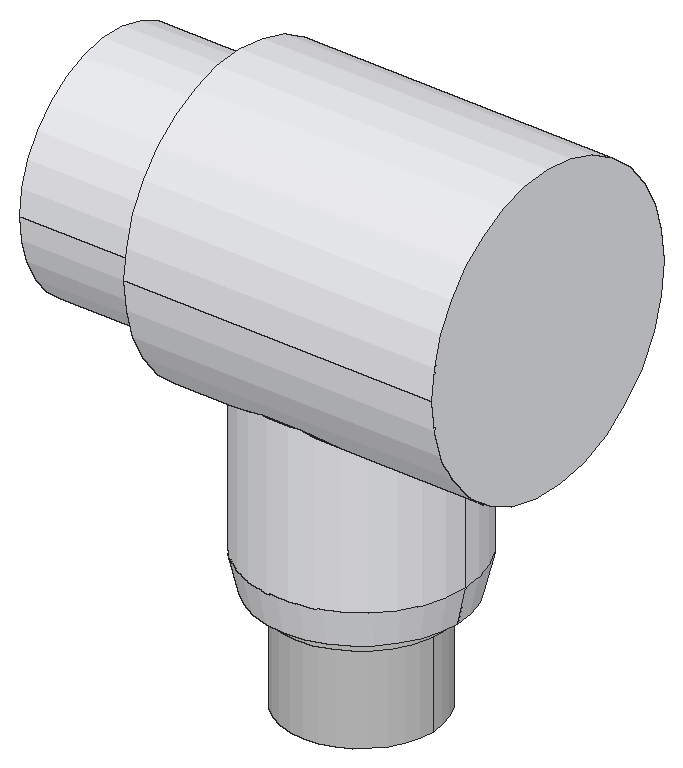
Revit family "PA_Тройник [фитинг полипропиленовый - тройник коллекторный VTp.734.0]1 - VALTEC", category Арматура трубопроводов, Revit 2019
Family settings
  Размер круглого соединителя = Использовать диаметр
  Тип детали = Нормальный
  На основе рабочей плоскости = Нет
  Всегда вертикально = Да
  При загрузке вырезать с полостями = Нет
  Общий = Нет
Parameters (values of type "40 мм х 3/4"")
  Таблица = "PA_Тройник [фитинг полипропиленовый - тройник коллекторный VTp.734.0] - VALTEC"  # constant formula
  Пользовательский [instance] = no
  Материал доп.1 = Сталь, нержавеющая - VALTEC
  Manufacturer = ""
  x1 [instance] = size_lookup(Таблица, "x1", 0 mm, d1, d2)  # 44.8 mm
  x3 [instance] = size_lookup(Таблица, "x3", 0 mm, d1, d2)  # 2.2 mm
  x2 [instance] = size_lookup(Таблица, "x2", 0 mm, d1, d2)  # 6 mm
  l3 [instance] = size_lookup(Таблица, "l3", 0 mm, d1, d2)  # 22 mm
  l2 [instance] = size_lookup(Таблица, "l2", 0 mm, d1, d2)  # 21 mm
  l1 [instance] = size_lookup(Таблица, "l1", 0 mm, d1, d2)  # 32.3 mm
  dn6 [instance] = size_lookup(Таблица, "dn6", 0 mm, d1, d2)  # 36.2 mm
  dn5 [instance] = size_lookup(Таблица, "dn5", 0 mm, d1, d2)  # 33.3 mm
  dn4 [instance] = size_lookup(Таблица, "dn4", 0 mm, d1, d2)  # 28.2 mm
  dn3 [instance] = size_lookup(Таблица, "dn3", 0 mm, d1, d2)  # 25 mm
  dn2 [instance] = size_lookup(Таблица, "dn2", 0 mm, d1, d2)  # 50 mm
  x4 [instance] = size_lookup(Таблица, "x4", 0 mm, d1, d2)  # 16 mm
  dn1 [instance] = size_lookup(Таблица, "dn1", 0 mm, d1, d2)  # 40 mm
  d2 = 20 mm
  d1 = 40 mm
  URL = "https://valtec.ru/"
  ADSK_Расход жидкости [instance] = 0.0 L/s
  ADSK_Примечание [instance] = ""
  ADSK_Потеря давления жидкости [instance] = 0.0 Pa
  ADSK_Позиция [instance] = ""
  ADSK_Обозначение [instance] = "VTp.734.0"  # constant formula
  ADSK_Наименование [instance] = size_lookup(Таблица, "", "Данный типоразмер отсутствует", d1, d2)  # "Фитинг полипропиленовый – тройник коллекторный полипропиленовый, 40 мм х 3/4\""
  ADSK_Материал = Пластик белый - VALTEC
  ADSK_Масса [instance] = 0
  ADSK_Марка [instance] = size_lookup(Таблица, "Маркировка", "Данный типоразмер отсутствует", d1, d2)  # "40х3/4\""
  ADSK_Код изделия [instance] = size_lookup(Таблица, "Код продукта", "Данный типоразмер отсутствует", d1, d2)  # "VTp.734.0.04005"
  ADSK_Завод-изготовитель [instance] = "VALTEC"  # constant formula
  ADSK_Единица измерения [instance] = "шт."  # constant formula
  ADSK_URL страницы изделия = "https://valtec.ru/catalog/sistemy_polipropilenovyh_truboprovodov/polipropilenovye_fitingi/fiting_polipropilenovyj_trojnik_kollektornyj_vtp7340.html"
  ADSK_URL документации изделия = "https://valtec.ru/document/technical/VTp.700-fitingi-0419.pdf"
Types (3, lengths in mm): name | dn3 | d2 | ADSK_Наименование | ADSK_Марка | ADSK_Код изделия | ADSK_URL страницы изделия | ADSK_URL документации изделия
  (no name) | 25 | 20 | "Фитинг полипропиленовый – тройник коллекторный полипропиленовый, 40 мм х 3/4\"" | "40х3/4\"" | "VTp.734.0.04005" | "https://valtec.ru/catalog/sistemy_polipropilenovyh_truboprovodov/polipropilenovye_fitingi/fiting_polipropilenovyj_trojnik_kollektornyj_vtp7340.html" | "https://valtec.ru/document/technical/VTp.700-fitingi-0419.pdf"
  40 мм х 1/2" | 20 | 15 | "Фитинг полипропиленовый – тройник коллекторный полипропиленовый, 40 мм х 1/2\"" | "40х1/2\"" | "VTp.734.0.04004" | "https://valtec.ru/catalog/sistemy_polipropilenovyh_truboprovodov/armatura_dlya_polipropilenovyh_truboprovodov/trojnik_kollektornyj_polipropilenovyj_s_sharovym_kranom.html" | "https://valtec.ru/document/technical/VTp.781-0318.pdf"
  40 мм х 3/4" | 25 | 20 | "Фитинг полипропиленовый – тройник коллекторный полипропиленовый, 40 мм х 3/4\"" | "40х3/4\"" | "VTp.734.0.04005" | "https://valtec.ru/catalog/sistemy_polipropilenovyh_truboprovodov/polipropilenovye_fitingi/fiting_polipropilenovyj_trojnik_kollektornyj_vtp7340.html" | "https://valtec.ru/document/technical/VTp.700-fitingi-0419.pdf"
Reference planes
  plane 1 "По центру (Вперед/Назад)": y = 0
  plane 2: z = 0
  plane 3 "По центру (Влево/Вправо)": x = 0
  plane 4: x = 32.3
  plane 5: y = 13.4
  plane 6: z = -53
  plane 7: z = -50.8
  plane 8: z = -44.8
  plane 9: x = -21
  plane 10: x = -43
  plane 11: z = -69
  plane 12: x = -5
  plane 13: x = 5
  plane 14: y = -18.1
  plane 15: y = -23.322
  plane 16: z = -39
Forms (mm)
  Extrusion 1, solid, material "Пластик белый - VALTEC" <- "ADSK_Материал", detail levels medium+fine
    sketch origin (0, 0, 0) x (1, 0, 0) y (0, 1, 0)
      loop
        circle (0, 0) r 18.1
    from -44.8 to 0
  Extrusion 2, solid, material "Сталь, нержавеющая - VALTEC" <- "Материал доп.1", detail levels medium+fine
    sketch origin (0, 0, 0) x (1, 0, 0) y (0, 1, 0)
      loop
        circle (0, 0) r 14.1
    from -53 to -50.8
  Extrusion 3, solid, material "Сталь, нержавеющая - VALTEC" <- "Материал доп.1", detail levels medium+fine
    sketch origin (0, 0, 0) x (1, 0, 0) y (0, 1, 0)
      loop
        circle (0, 0) r 12.5
    from -69 to -53
  Blend 4, solid, material "Пластик белый - VALTEC" <- "ADSK_Материал", detail levels medium+fine
    base sketch origin (0, 0, 0) x (1, 0, 0) y (0, 1, 0)
      loop
        circle (0, 0) r 16.65
    top sketch origin (0, 0, 0) x (1, 0, 0) y (0, 1, 0)
      loop
        circle (0, 0) r 18.1
    from -50.8 to -44.8
  Extrusion 5, solid, material "Пластик белый - VALTEC" <- "ADSK_Материал", detail levels medium+fine
    sketch origin (32.3, 2000, 1200) x (0, 1, 0) y (0, 0, -1)
      loop
        circle (-2000, 1200) r 20
    from 53.3 to 75.3
  Extrusion 6, solid, material "Пластик белый - VALTEC" <- "ADSK_Материал", detail levels medium+fine
    sketch origin (32.3, 2000, 1200) x (0, 1, 0) y (0, 0, -1)
      loop
        circle (-2000, 1200) r 25
    from 0 to 53.3
Cuts and joins
  joined: Extrusion 2, Extrusion 3
  joined: Extrusion 1, Blend 4, Extrusion 5, Extrusion 6
Lines and regions (mm)
  model lines, detail levels coarse
    curve 1: line (-43, 0, 0) -> (32.3, 0, 0)
    curve 2: line (0, 0, 0) -> (0, 0, -69)
  reference lines
    curve 3: line (-21, 0, 0) -> (32.3, 0, 0)
    curve 4: line (0, 0, 0) -> (0, 0, -53)
Dimensions and locks
  plane 4 to plane 3 "По центру (Влево/Вправо)" = 32.3 mm
  "l3": plane 10 to plane 9
  "l2": plane 9 to plane 3 "По центру (Влево/Вправо)"
  "l1": plane 3 "По центру (Влево/Вправо)" to plane 4
  "x1": plane 2 to plane 8
  "x2": plane 8 to plane 7
  "x3": plane 7 to plane 6
  "x4": plane 6 to plane 11
  "dn6": diameter of Extrusion 1 sketch curve
  "dn4": diameter of Extrusion 2 sketch curve
  "dn3": diameter of Extrusion 3 sketch curve
  "dn5": diameter of Blend 4 sketch curve
  "dn6": diameter of Blend 4 sketch curve
  "dn1": diameter of Extrusion 5 sketch curve
  "dn2": diameter of Extrusion 6 sketch curve
  aligned and locked: level to plane 2
  aligned and locked: plane 1 "По центру (Вперед/Назад)" to Extrusion 1 sketch curve
  aligned and locked: plane 3 "По центру (Влево/Вправо)" to Extrusion 1 sketch curve
  aligned and locked: plane 3 "По центру (Влево/Вправо)" to Extrusion 2 sketch curve
  aligned and locked: plane 1 "По центру (Вперед/Назад)" to Extrusion 2 sketch curve
  aligned and locked: plane 1 "По центру (Вперед/Назад)" to Extrusion 3 sketch curve
  aligned and locked: plane 3 "По центру (Влево/Вправо)" to Extrusion 3 sketch curve
  aligned and locked: plane 1 "По центру (Вперед/Назад)" to Blend 4 sketch curve  (x2)
  aligned and locked: plane 3 "По центру (Влево/Вправо)" to Blend 4 sketch curve  (x2)
  aligned and locked: Extrusion 3 to plane 6
  aligned and locked: plane 11 to Extrusion 3
  aligned and locked: Extrusion 2 to plane 7
  aligned and locked: plane 6 to Extrusion 2
  aligned and locked: Blend 4 to plane 8
  aligned and locked: plane 7 to Blend 4
  aligned and locked: plane 8 to Extrusion 1
  aligned and locked: plane 2 to Extrusion 1
  aligned and locked: plane 2 to Extrusion 5 sketch curve
  aligned and locked: plane 1 "По центру (Вперед/Назад)" to Extrusion 5 sketch curve
  aligned and locked: plane 1 "По центру (Вперед/Назад)" to Extrusion 6 sketch curve
  aligned and locked: plane 2 to Extrusion 6 sketch curve
  aligned and locked: plane 9 to Extrusion 6
  aligned and locked: Extrusion 6 to plane 4
  aligned and locked: Extrusion 5 to plane 9
  aligned and locked: plane 10 to Extrusion 5
  aligned and locked: plane 11 to curve 2
  aligned and locked: plane 2 to curve 2
  aligned and locked: plane 4 to curve 1
  aligned and locked: plane 10 to curve 1
  aligned and locked: curve 1 to plane 2
  aligned and locked: curve 2 to plane 3 "По центру (Влево/Вправо)"
  aligned and locked: plane 6 to curve 4
  aligned and locked: plane 2 to curve 4
  aligned and locked: curve 4 to plane 3 "По центру (Влево/Вправо)"
  aligned and locked: plane 4 to curve 3
  aligned and locked: plane 9 to curve 3
  aligned and locked: curve 3 to plane 2
Connectors
  piping at (-21, 0, 0), diameter 40, driven by "d1", driven by "ADSK_Расход жидкости", driven by "ADSK_Потеря давления жидкости"
    settings: on curve 3, index 1, connector inside diameter 609.6 mm, connector length 0 mm, flow factor 0, pipe flow 0.0 L/s, pressure drop 0.0 Pa, fitting loss kfactor 0, connector angle 0.00°, fixture units 0, engagement length 0 mm, angle of deflection 0.00°, flow configuration 0, flow direction 0, fitting loss method 4, system type 29, joint type 0, gender type 0, connector reference index 2, connector utility 0, adjustable connector no, is connector primary yes, connector description ""
  piping at (32.3, 0, 0), diameter 40, driven by "d1", driven by "ADSK_Расход жидкости"
    settings: on curve 3, index 2, connector inside diameter 609.6 mm, connector length 0 mm, flow factor 0, pipe flow 0.0 L/s, pressure drop 0.0 Pa, fitting loss kfactor 0, connector angle 0.00°, fixture units 0, engagement length 0 mm, angle of deflection 0.00°, flow configuration 0, flow direction 0, fitting loss method 0, system type 29, joint type 0, gender type 0, connector reference index 1, connector utility 0, adjustable connector no, is connector primary no, connector description ""
  piping at (0, 0, -53), diameter 20, driven by "d2", driven by "ADSK_Расход жидкости"
    settings: on curve 4, index 3, connector inside diameter 609.6 mm, connector length 0 mm, flow factor 0, pipe flow 0.0 L/s, pressure drop 0.0 Pa, fitting loss kfactor 0, connector angle 0.00°, fixture units 0, engagement length 0 mm, angle of deflection 0.00°, flow configuration 0, flow direction 0, fitting loss method 0, system type 29, joint type 0, gender type 0, connector reference index -1, connector utility 0, adjustable connector no, is connector primary no, connector description ""
